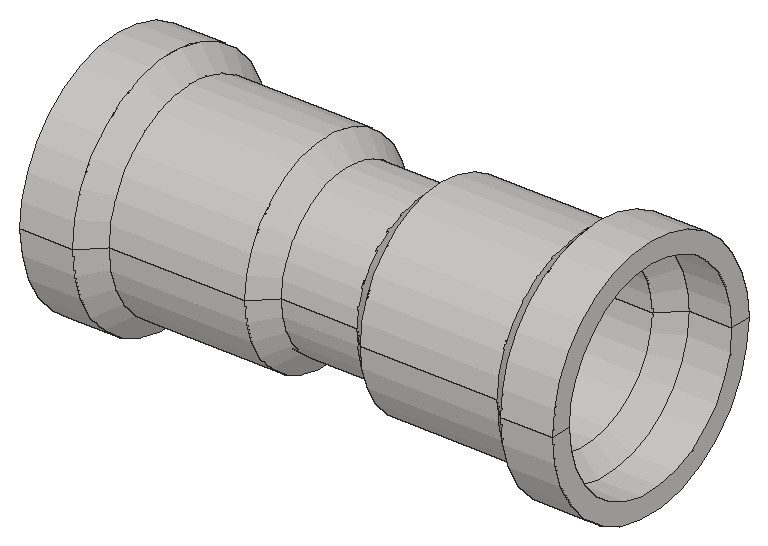
Revit family "RN 57020 Optifitt-Press-Muffe", category Rohrformteile, Revit 2019
Family settings
  Bemaßung runder Anschluss = Durchmesser verwenden
  Teiletyp = Verbindung
  OmniClass-Nummer = 23.60.30.11.14
  OmniClass-Titel = Pipework Fittings
  Arbeitsebenenbasiert = Nein
  Immer vertikal = Ja
  Beim Laden mit Abzugskörper schneiden = Nein
  Gemeinsam genutzt = Nein
Parameters (values of type "Var")
  Z [instance] = size_lookup(RN_tab, "Z", 0 mm, DN)  # 15 mm
  VdS [instance] = size_lookup(RN_tab, "VdS", 0, DN)  # 1
  URL = "https://www.nussbaum.ch/productdetail?v=7612945716699"
  Typenkommentare = "Optifitt-Press-Muffe Var"
  RN_tab = "RN_57020"  # constant formula
  RN_VdS [instance] = VdS = 1  # yes
  RN_Serie [instance] = "Optifitt press"  # constant formula
  RN_NPK [instance] = size_lookup(RN_tab, "NPK", 0, DN)  # 255.513
  RN_Mat = Stahl verzinkt vernickelt
  RN_Manufactur = "R. Nussbaum AG"  # constant formula
  RN_LOD = "LOD 400"  # constant formula
  RN_EAN [instance] = size_lookup(RN_tab, "EAN", 0, DN)  # 612945716699
  RN_Description [instance] = if(Product Index = 1 mm, "Optifitt Muffe DN10 ", if(Product Index = 2 mm, "Optifitt Muffe DN15 ", if(Product Index = 3 mm, "Optifitt Muffe DN20 ", if(Product Index = 4 mm, "Optifitt Muffe DN25 ", if(Product Index = 5 mm, "Optifitt Muffe DN32 ", if(Product Index = 6 mm, "Optifitt Muffe DN40 ", if(Product Index = 7 mm, "Optifitt Muffe DN50 ", "kein Artikel vorhanden")))))))  # "Optifitt Muffe DN15 "
  RN_DN1 [instance] = 15 mm
  RN_Articlenumber [instance] = size_lookup(RN_tab, "ArtNr", 0, DN)  # 57020.23
  Product Index [instance] = size_lookup(RN_tab, "PI", 0 mm, DN)  # 2 mm
  Modell = "57020.23"
  L_Muffe_Standard [instance] = size_lookup("RN_connection", "con_l", 0 mm, DN)  # 22 mm
  L [instance] = size_lookup(RN_tab, "L", 0 mm, DN)  # 69 mm
  IfcExportType = "CONNECTOR"  # constant formula
  IfcExportAs = "IfcPipeFitting"  # constant formula
  IfcDescription = Beschreibung  # "Optifitt-Press-Muffe"
  Hersteller = RN_Manufactur  # "R. Nussbaum AG"
  DN [instance] = RN_DN1  # 15 mm
  D [instance] = size_lookup(RN_tab, "D", 0 mm, DN)  # 21.3 mm
  Beschreibung = "Optifitt-Press-Muffe"
  Bauelement = "03.01.07.03"
Reference planes
  plane 1 "Mitte (Vorne/Hinten)": y = 0
  plane 2: z = 0
  plane 3: x = -4.5
  plane 4: x = 64.5
  plane 5: x = 17.5
  plane 6: x = 42.5
  plane 7 "Mitte (Links/Rechts)": x = 30
  plane 8: x = 22.5
  plane 9: x = 37.5
Forms (mm)
  Extrusion 1, solid, material "Stahl verzinkt vernickelt" <- "RN_Mat", detail levels fine
    sketch origin (-4.5, 0, 0) x (0, 1, 0) y (0, 0, 1)
      loop
        circle (0, 0) r 10.65
    from 27 to 42
Lines and regions (mm)
  model lines, detail levels coarse+medium
    curve 1: line (-4.5, 0, 0) -> (64.5, 0, 0)
Dimensions and locks
  "L": plane 3 to plane 4
  "L_Muffe_Standard": plane 3 to plane 5
  "L_Muffe_Standard": plane 6 to plane 4
  equal spacing: plane 3, plane 7 "Mitte (Links/Rechts)", plane 4
  equal spacing: plane 8, plane 7 "Mitte (Links/Rechts)", plane 9
  "Z": plane 8 to plane 9
  "D": diameter of Extrusion 1 sketch curve
  aligned and locked: level to plane 2
  aligned and locked: nested 2 to plane 1 "Mitte (Vorne/Hinten)"
  aligned and locked: plane 1 "Mitte (Vorne/Hinten)" to nested 1
  aligned and locked: curve 1 to nested 1
  aligned and locked: plane 9 to Extrusion 1
  aligned and locked: Extrusion 1 to plane 8
  aligned and locked: plane 8 to nested 2
  aligned and locked: nested 1 to plane 9
Automatic sketch dimensions
  curve 1 to plane 3 = 0 mm
  curve 1 to plane 4 = 0 mm
  Extrusion 1 sketch curve to level = 0 mm
  Extrusion 1 sketch curve to plane 1 "Mitte (Vorne/Hinten)" = 0 mm
Nested families
  nested 1: "RN-Ofitt" at (37.5, 0, 0), RN_DN1 <- "RN_DN1", type "Standard", detail levels fine
    with visible yes, socket_type 1, socket_ring_outer_radius 15.85 mm, socket_ring_outer_diameter 31.7 mm, socket_outer_radius 13.25 mm, socket_length 27 mm, s1 2.6 mm, rs1 10.65 mm, ring_inside_diameter 26.5 mm, lookup_table_name "socket", con1 yes, RN_DN1 15 mm, built-in parameter 1114238 (empty or 0), Ds1 21.3 mm, DN1 15 mm
  nested 2: "RN-Ofitt" at (22.5, 0, 0) x (-1, 0, 0) z (0, 0, 1), RN_DN1 <- "RN_DN1", type "Standard", detail levels fine
    with visible yes, socket_type 1, socket_ring_outer_radius 15.85 mm, socket_ring_outer_diameter 31.7 mm, socket_outer_radius 13.25 mm, socket_length 27 mm, s1 2.6 mm, rs1 10.65 mm, ring_inside_diameter 26.5 mm, lookup_table_name "socket", con1 yes, RN_DN1 15 mm, built-in parameter 1114238 (empty or 0), Ds1 21.3 mm, DN1 15 mm
Connectors
  piping at (22.5, 0, 0), diameter 15, driven by "RN_DN1"
    settings: on Extrusion 1, index 1, connector inside diameter 609.6 mm, connector length 0 mm, flow factor 0, pipe flow 0.0 L/s, pressure drop 0.0 Pa, fitting loss kfactor 0, connector angle 0.00°, fixture units 0, engagement length 0 mm, angle of deflection 0.00°, flow configuration 0, flow direction 0, fitting loss method 0, system type 28, joint type 0, gender type 0, connector reference index 2, connector utility 0, adjustable connector no, is connector primary yes, connector description ""
  piping at (37.5, 0, 0), diameter 15, driven by "RN_DN1"
    settings: on Extrusion 1, index 2, connector inside diameter 609.6 mm, connector length 0 mm, flow factor 0, pipe flow 0.0 L/s, pressure drop 0.0 Pa, fitting loss kfactor 0, connector angle 0.00°, fixture units 0, engagement length 0 mm, angle of deflection 0.00°, flow configuration 0, flow direction 0, fitting loss method 0, system type 28, joint type 0, gender type 0, connector reference index 1, connector utility 0, adjustable connector no, is connector primary no, connector description ""
Definition of nested family "RN-Ofitt"
  Parameters (values of type "Standard")
    visible [instance] = yes
    socket_type [instance] = 1
    socket_ring_outer_radius [instance] = rs1 + 2 * s1  # 13.55 mm
    socket_ring_outer_diameter [instance] = socket_ring_outer_radius * 2  # 27.1 mm
    socket_outer_radius [instance] = rs1 + s1  # 11.05 mm
    socket_length [instance] = size_lookup("RN_opip", "con_l", 0 mm, DN1)  # 24 mm
    s1 [instance] = size_lookup("RN_opip", "s1", 0 mm, DN1)  # 2.5 mm
    rs1 [instance] = Ds1 / 2  # 8.55 mm
    ring_inside_diameter [instance] = socket_ring_outer_radius * 2 - (2 * s1)  # 22.1 mm
    lookup_table_name [instance] = "socket"  # constant formula
    URL = ""
    Type Comments = ""
    RN_Mat = none
    RN_DN1 [instance] = 10 mm
    Model = ""
    Manufacturer = "R. Nussbaum AG"  # constant formula
    built-in parameter 1114238 [instance] = 1 = 0  # (empty or 0)
    Ds1 [instance] = size_lookup("RN_opip", "Ds1", 0 mm, DN1)  # 17.1 mm
    Description = ""
    DN1 [instance] = size_lookup("RN_DN", "DN", 0 mm, RN_DN1)  # 10 mm
    con1 [instance] = socket_type = 1  # yes
    Assembly Code = ""
  Reference planes
    plane 1 "Center (Front/Back)": y = 0
    plane 2: z = 0
    plane 3 "Center (Left/Right)": x = 0
    plane 4: x = 24
    plane 5: x = 12
    plane 6: x = 18
  Forms (mm)
    Revolve 1, solid, material <- "RN_Mat", visible <- "con1", detail levels fine
      sketch origin (-44, 0, 0) x (1, 0, 0) y (0, 1, 0)
        loop
          line (68, 13.55) -> (62, 13.55) -> (59.5, 11.05) -> (44, 11.05) -> (41.5, 8.55) -> (60.536, 8.55) -> (63.036, 11.05) -> (68, 11.05) -> (68, 13.55)
        axis (41.5, 0) -> (68, 0)
      angle from 0 to 360
  Dimensions and locks
    "socket_length": plane 3 "Center (Left/Right)" to plane 4
    "socket_ring_outer_radius": Revolve 1 sketch curve to Revolve 1 sketch curve
    "socket_outer_radius": Revolve 1 sketch curve to Revolve 1 sketch curve
    "rs1": Revolve 1 sketch curve to Revolve 1 sketch curve
    equal spacing: plane 3 "Center (Left/Right)", plane 5, plane 4
    equal spacing: plane 5, Revolve 1 sketch curve, plane 4
    "s1": Revolve 1 sketch curve to Revolve 1 sketch curve  (x2)
    equal spacing: plane 4, plane 6, plane 5
    plane 4 to plane 6 = 6 mm
    locked: Revolve 1 sketch curve to Revolve 1 sketch curve (angle 45.00°)  (x3)
    aligned and locked: level to plane 2
    aligned and locked: plane 1 "Center (Front/Back)" to Revolve 1 sketch curve
    aligned and locked: Revolve 1 sketch curve to plane 4
    aligned and locked: plane 3 "Center (Left/Right)" to Revolve 1 sketch curve
  Automatic sketch dimensions
    Revolve 1 sketch curve to plane 3 "Center (Left/Right)" = 15 mm
    plane 4 to Revolve 1 sketch curve = 56 mm
